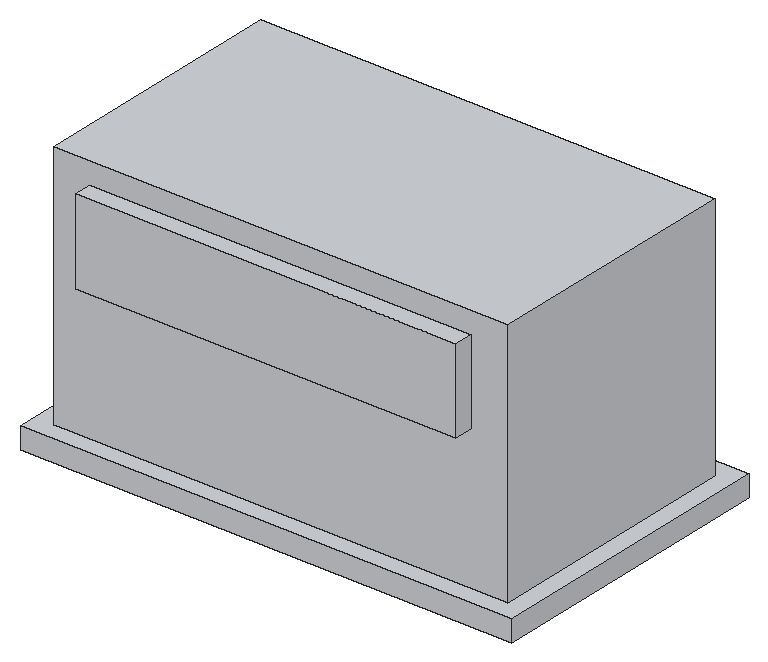
Revit family "4c3b6a8b6b024b009463a598902b22a7", category Mechanical Equipment, Revit 2021
Family settings
  Round Connector Dimension = Use Diameter
  Part Type = Normal
  OmniClass Number = 23.75.35.17.17.11
  OmniClass Title = Ceiling Fans
  Seek Item ID = Exhauster with Cabinet - Rectangular Connection - Ceiling Mounted-0000-USA-ENU
  Work Plane-Based = No
  Always vertical = Yes
  Cut with Voids When Loaded = No
  Shared = No
  Room Calculation Point = No
Parameters (values of type "400 CFM")
  Voltage = 120 V
  Symbol Motor Radius = Fan Width * 0.35  # 0' - 4.2875"
  Symbol Length 1 = 0.3 * Symbol Motor Radius  # 0' - 1.28625"
  Load Classification = Cooling
  External Static Pressre [instance] = 0.10 in-wg
  Small Symbol Motor Radius = Symbol Motor Radius - 0' 3"  # 0' - 1.2875"
  Eighth of Diffuser Width = 0.125 * Diffuser Width  # 0' - 1 3/4"
  Eighth of Diffuser Length = 0.125 * Diffuser Length  # 0' - 2 29/32"
  Number of Poles = 1
  Fan Width = 1' - 0 1/4"
  Fan Material = none
  Fan Length = 1' - 9 1/2"
  Fan Height = 0' - 11 3/4"
  Duct Width = 18"
  Duct Height = 4"
  Diffuser Width = 1' - 2"
  Diffuser Material = none
  Diffuser Length = 1' - 11 1/4"
  Default Elevation = 0' - 0"
  Apparent Load [instance] = 313 VA
  Air Flow [instance] = 428 CFM
Types (8): name | Voltage | Symbol Motor Radius | Symbol Length 1 | External Static Pressre | Small Symbol Motor Radius | Eighth of Diffuser Width | Eighth of Diffuser Length | Number of Poles | Fan Width | Fan Length | Fan Height | Duct Width | Duct Height | Diffuser Width | Diffuser Length | Apparent Load | Air Flow
  (no name) | 120 V | 0' - 4.2875" | 0' - 1.28625" | 0.10 in-wg | 0' - 1.2875" | 0' - 1 3/4" | 0' - 2 29/32" | 1 | 1' - 0 1/4" | 1' - 9 1/2" | 0' - 11 3/4" | 18" | 4" | 1' - 2" | 1' - 11 1/4" | 313 VA | 428 CFM
  400 CFM | 120 V | 0' - 4.2875" | 0' - 1.28625" | 0.10 in-wg | 0' - 1.2875" | 0' - 1 3/4" | 0' - 2 29/32" | 1 | 1' - 0 1/4" | 1' - 9 1/2" | 0' - 11 3/4" | 18" | 4" | 1' - 2" | 1' - 11 1/4" | 313 VA | 428 CFM
  900 CFM | 120 V | 0' - 6.3" | 0' - 1.89" | 0.10 in-wg | 0' - 3.3" | 0' - 2 31/64" | 0' - 2 63/64" | 1 | 1' - 6" | 1' - 10" | 1' - 6" | 12" | 8" | 1' - 7 7/8" | 1' - 11 7/8" | 468 VA | 892 CFM
  2000 CFM | 240 V | 0' - 5.11875" | 0' - 1.53563" | 0.00 in-wg | 0' - 2.11875" | 0' - 2 1/64" | 0' - 4 25/32" | 2 | 1' - 2 5/8" | 3' - 2" | 1' - 2 5/8" | 34" | 8" | 1' - 4 1/8" | 3' - 2 1/4" | 590 VA | 1891 CFM
  3500 CFM | 240 V | 0' - 5.8625" | 0' - 1.75875" | 0.00 in-wg | 0' - 2.8625" | 0' - 2 1/4" | 0' - 5 7/8" | 2 | 1' - 4 3/4" | 3' - 9 3/4" | 1' - 4 3/4" | 42" | 10" | 1' - 6" | 3' - 11" | 1204 VA | 3605 CFM
  500 CFM | 120 V | 0' - 4.2875" | 0' - 1.28625" | 0.10 in-wg | 0' - 1.2875" | 0' - 1 3/4" | 0' - 2 29/32" | 1 | 1' - 0 1/4" | 1' - 9 1/2" | 0' - 11 3/4" | 18" | 4" | 1' - 2" | 1' - 11 1/4" | 313 VA | 517 CFM
  700 CFM | 120 V | 0' - 4.2875" | 0' - 1.28625" | 0.10 in-wg | 0' - 1.2875" | 0' - 1 3/4" | 0' - 2 29/32" | 1 | 1' - 0 1/4" | 1' - 9 1/2" | 0' - 11 3/4" | 18" | 4" | 1' - 2" | 1' - 11 1/4" | 313 VA | 691 CFM
  1500 CFM | 120 V | 0' - 6.3" | 0' - 1.89" | 0.10 in-wg | 0' - 3.3" | 0' - 2 31/64" | 0' - 2 63/64" | 1 | 1' - 6" | 1' - 10" | 1' - 6" | 12" | 8" | 1' - 7 7/8" | 1' - 11 7/8" | 468 VA | 1519 CFM
Reference planes (in)
  plane 1 "Center (Front/Back)": y = 0
  plane 2: z = 0
  plane 3 "Center (Left/Right)": x = 0
  plane 4: z = 11.75
  plane 5: z = -1
  plane 6: z = 10.75
  plane 7: y = 6.125
  plane 8: y = -6.125
  plane 9: x = 10.75
  plane 10: x = -10.75
  plane 11: x = 11.625
  plane 12: x = -11.625
  plane 13: y = 7
  plane 14: y = -7
  plane 15: y = 5.25
  plane 16: y = 3.5
  plane 17: y = 1.75
  plane 18: y = -5.25
  plane 19: y = -3.5
  plane 20: y = -1.75
  plane 21: x = 8.71875
  plane 22: x = 5.8125
  plane 23: x = 2.90625
  plane 24: x = -8.71875
  plane 25: x = -5.8125
  plane 26: x = -2.90625
  plane 27: y = 4.2875
  plane 28: x = 4.2875
  plane 29: x = 5.57375
  plane 30: z = 6.75
  plane 31: x = 9
  plane 32: x = -9
Forms (in)
  Extrusion 1, solid, material <- "Diffuser Material"
    sketch origin (0, 0, 0) x (1, 0, 0) y (0, 1, 0)
      loop
        line (-11.625, 7) -> (-11.625, -7) -> (11.625, -7) -> (11.625, 7) -> (-11.625, 7)
    from -1 to 0
  Extrusion 2, solid, material <- "Fan Material"
    sketch origin (0, 0, 0) x (1, 0, 0) y (0, 1, 0)
      loop
        line (-10.75, 6.125) -> (-10.75, -6.125) -> (10.75, -6.125) -> (10.75, 6.125) -> (-10.75, 6.125)
    from 0 to 11.75
  Extrusion 3, solid, material <- "Fan Material"
    sketch origin (0, 0, 0) x (1, 0, 0) y (0, 0, 1)
      loop
        line (-9, 10.75) -> (-9, 6.75) -> (9, 6.75) -> (9, 10.75) -> (-9, 10.75)
    from 6.125 to 7
Lines and regions (in)
  symbolic lines
    curve 1: line (11.625, 7, 0) -> (-11.625, 7, 0)
    curve 2: line (-11.625, 7, 0) -> (-11.625, -7, 0)
    curve 3: line (-11.625, -7, 0) -> (11.625, -7, 0)
    curve 4: line (11.625, -7, 0) -> (11.625, 7, 0)
  symbolic lines, detail levels coarse+medium
    curve 5: line (-8.71875, 5.25, 0) -> (8.71875, 5.25, 0)
    curve 6: line (-8.71875, -5.25, 0) -> (-8.71875, 5.25, 0)
    curve 7: line (8.71875, -5.25, 0) -> (-8.71875, -5.25, 0)
    curve 8: line (8.71875, 5.25, 0) -> (8.71875, -5.25, 0)
    curve 9: line (-5.8125, 3.5, 0) -> (5.8125, 3.5, 0)
    curve 10: line (-5.8125, -3.5, 0) -> (-5.8125, 3.5, 0)
    curve 11: line (5.8125, -3.5, 0) -> (-5.8125, -3.5, 0)
    curve 12: line (5.8125, 3.5, 0) -> (5.8125, -3.5, 0)
    curve 13: line (-2.90625, 1.75, 0) -> (2.90625, 1.75, 0)
    curve 14: line (-2.90625, -1.75, 0) -> (-2.90625, 1.75, 0)
    curve 15: line (2.90625, -1.75, 0) -> (-2.90625, -1.75, 0)
    curve 16: line (2.90625, 1.75, 0) -> (2.90625, -1.75, 0)
  symbolic lines, detail levels fine
    curve 17: line (-10.75, 6.125, 0) -> (10.75, 6.125, 0)
    curve 18: line (-10.75, -6.125, 0) -> (-10.75, 6.125, 0)
    curve 19: line (10.75, -6.125, 0) -> (-10.75, -6.125, 0)
    curve 20: line (10.75, 6.125, 0) -> (10.75, -6.125, 0)
    curve 21: line (-9, -6.125, 0) -> (9, -6.125, 0)
    curve 22: line (-9, -7, 0) -> (-9, -6.125, 0)
    curve 23: line (9, -7, 0) -> (-9, -7, 0)
    curve 24: line (9, -6.125, 0) -> (9, -7, 0)
Dimensions and locks (in)
  locked: plane 5 to plane 2 at 1
  "Fan Height": plane 4 to plane 2
  locked: plane 4 to plane 6 at 1
  equal spacing: plane 8, plane 1 "Center (Front/Back)", plane 7
  "Fan Width": plane 8 to plane 7
  equal spacing: plane 10, plane 3 "Center (Left/Right)", plane 9
  "Fan Length": plane 10 to plane 9
  equal spacing: plane 12, plane 3 "Center (Left/Right)", plane 11
  "Diffuser Length": plane 12 to plane 11
  equal spacing: plane 14, plane 1 "Center (Front/Back)", plane 13
  "Diffuser Width": plane 14 to plane 13
  "Eighth of Diffuser Width": plane 15 to plane 13
  "Eighth of Diffuser Width": plane 16 to plane 15
  "Eighth of Diffuser Width": plane 17 to plane 16
  "Eighth of Diffuser Width": plane 1 "Center (Front/Back)" to plane 17
  "Eighth of Diffuser Width": plane 18 to plane 14
  "Eighth of Diffuser Width": plane 19 to plane 18
  "Eighth of Diffuser Width": plane 20 to plane 19
  "Eighth of Diffuser Width": plane 1 "Center (Front/Back)" to plane 20
  "Eighth of Diffuser Length": plane 12 to plane 24
  "Eighth of Diffuser Length": plane 24 to plane 25
  "Eighth of Diffuser Length": plane 25 to plane 26
  "Eighth of Diffuser Length": plane 26 to plane 3 "Center (Left/Right)"
  "Eighth of Diffuser Length": plane 21 to plane 11
  "Eighth of Diffuser Length": plane 22 to plane 21
  "Eighth of Diffuser Length": plane 23 to plane 22
  "Eighth of Diffuser Length": plane 3 "Center (Left/Right)" to plane 23
  "Symbol Motor Radius": plane 1 "Center (Front/Back)" to plane 27
  "Symbol Motor Radius": plane 3 "Center (Left/Right)" to plane 28
  "Symbol Length 1": plane 28 to plane 29
  "Duct Height": plane 6 to plane 30
  equal spacing: plane 32, plane 3 "Center (Left/Right)", plane 31
  "Duct Width": plane 32 to plane 31
  locked: plane 8 to connector elem at 2
  locked: Extrusion 1 to connector elem at 2
  aligned and locked: plane 12 to Extrusion 1 sketch curve
  aligned and locked: plane 13 to Extrusion 1 sketch curve
  aligned and locked: plane 14 to Extrusion 1 sketch curve
  aligned and locked: Extrusion 1 sketch curve to plane 11
  aligned and locked: Extrusion 1 to plane 5
  aligned and locked: plane 2 to Extrusion 1
  aligned and locked: plane 10 to Extrusion 2 sketch curve
  aligned and locked: plane 7 to Extrusion 2 sketch curve
  aligned and locked: plane 8 to Extrusion 2 sketch curve
  aligned and locked: Extrusion 2 sketch curve to plane 9
  aligned and locked: plane 4 to Extrusion 2
  aligned and locked: Extrusion 2 to plane 2
  aligned and locked: curve 1 to Extrusion 1
  aligned and locked: curve 2 to Extrusion 1
  aligned and locked: curve 3 to Extrusion 1
  aligned and locked: curve 4 to Extrusion 1
  aligned and locked: plane 24 to curve 5
  aligned and locked: plane 15 to curve 5
  aligned and locked: plane 18 to curve 8
  aligned and locked: curve 8 to plane 21
  aligned and locked: plane 25 to curve 9
  aligned and locked: plane 16 to curve 9
  aligned and locked: plane 19 to curve 12
  aligned and locked: curve 12 to plane 22
  aligned and locked: plane 26 to curve 13
  aligned and locked: plane 17 to curve 13
  aligned and locked: plane 20 to curve 16
  aligned and locked: curve 16 to plane 23
  aligned and locked: plane 6 to Extrusion 3
  aligned and locked: plane 31 to Extrusion 3
  aligned and locked: Extrusion 3 to plane 30
  aligned and locked: plane 32 to Extrusion 3
  aligned and locked: Extrusion 3 to plane 14
  aligned and locked: plane 8 to Extrusion 3
  aligned and locked: curve 17 to Extrusion 2  (x2)
  aligned and locked: Extrusion 2 to curve 20
  aligned and locked: curve 20 to Extrusion 2
  aligned and locked: curve 21 to Extrusion 3
  aligned and locked: curve 21 to curve 19
  aligned and locked: curve 3 to curve 24
  aligned and locked: curve 24 to Extrusion 3
Automatic sketch dimensions
  Extrusion 2 sketch curve to plane 9 = 0' - 0"
  Extrusion 3 sketch curve to plane 30 = 0' - 0"
  Extrusion 3 sketch curve to plane 32 = 0' - 0"
  Extrusion 3 sketch curve to plane 31 = 0' - 0"
  Extrusion 3 sketch curve to plane 6 = 0' - 0"
Connectors (in)
  hvac at (0, -7, 8.75), driven by "Duct Height", driven by "Duct Width", driven by "Air Flow", driven by "External Static Pressre"
    settings: on Extrusion 3, index 1, duct flow 428 CFM, flow factor 0, pres drop 0.10 in-wg, loss coef 0, conn angle 0.00°, conn width 18", conn height 4", conn diameter 24", duct sys type 3, conn prof type 1, flow config 0, flow direction 2, loss method 0, conn ref index -1, conn util no, is conn primary yes, conn desc ""
  electrical at (-10.75, -4.125, 2), driven by "Apparent Load", driven by "Voltage", driven by "Number of Poles", driven by "Load Classification"
    settings: on plane 10, index 2, voltage 120 V, apparent load 313 VA, apparent load phase1 0 VA, apparent load phase2 0 VA, apparent load phase3 0 VA, power factor 0.8, load classification "Cooling", number of poles 1, system type 30, power factor state 1, is connector primary yes, connector utility no, sub classification motor no, connector description ""
